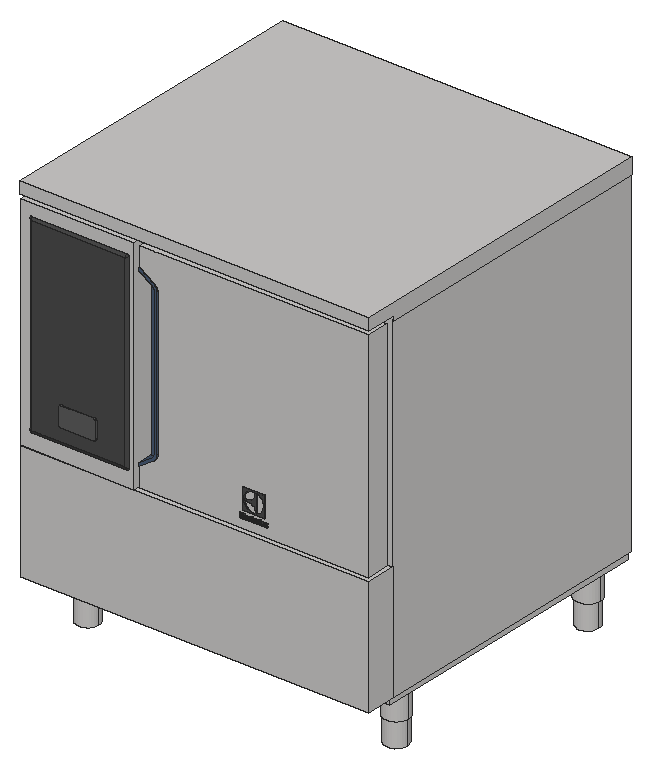
Revit family "QF_ELECTROLUXPROFESSIONAL_725539_EBFA61TE", category Specialty Equipment, Revit 2023
Family settings
  Round Connector Dimension = Use Diameter
  Part Type = Normal
  Work Plane-Based = No
  Enable Cutting in Views = No
  Always vertical = Yes
  Cut with Voids When Loaded = No
  Maintain Annotation Orientation = No
  Shared = No
  Room Calculation Point = No
Parameters
  Weight = 0.00 kg
  Watts = 0 W
  Volts = 380 V
  URL Manufacturer = "http://professional.electrolux.com"
  URL = "http://professional.electrolux.com"
  Steam Supply Size = 0 mm
  Steam Supply Minimum Pressure = 0.0 Pa
  Steam Supply Maximum Pressure = 0.0 Pa
  Steam Pounds per Hour = 0
  Show Logo [instance] = yes
  Show Clearance [instance] = yes
  Refrigeration Suction Line Size = 0 mm
  Refrigeration Liquid Line Size = 0 mm
  Refrigerant Compressor Remote = yes
  Manufacturer = "Electrolux"
  Phase = 3
  Model = "EBFA61TE"
  Length Actual = 897 mm  # constant formula
  Item Number = "725539"
  Hot Water Size = 0 mm
  Height Actual = 1060 mm  # constant formula
  HP = "3.6 HP"
  Gas Size = 0 mm
  Gas KW = 0
  Gas Input Pressure = 0 W
  Direct Waste Size = 139.7 mm
  Description = "SKYLINE CHILLS BLAST CHILLER FREEZER 30/30KG 6 GN 1/1 - WITH TOP"
  Depth Actual = 937 mm  # constant formula
  Default Elevation = 0 mm
  Cycle = 50 Hz
  Condensate Return Size = 0 mm
  Compressed Air Volume = 0.0 L/s
  Compressed Air Size = 0 mm
  Compressed Air Pressure = 0.0 Pa
  Cold Water Size = 0 mm
  Accessory = yes
Reference planes
  plane 1 "Center X": y = 126.851
  plane 2: z = 0
  plane 3 "Center Y": x = -311.5
  plane 4 "LEFT": x = -760
  plane 5 "BACK": y = 548.851
  plane 6 "RIGHT": x = 137
  plane 7 "FRONT": y = -295.149
  plane 8: z = 130
  plane 9 "TOP": z = 1060.038
  plane 10: x = -708
  plane 11: y = 473.851
  plane 12: x = 85
  plane 13: y = -142.149
  plane 14: z = 1020.038
  plane 15: y = 641.851
  plane 16: y = -847.149
Forms (mm)
  Extrusion 1, solid, material "QF_Finishes_Stainless Steel"
    sketch origin (0, 0, 1060.038) x (-1, 0, 0) y (0, -1, 0)
      loop
        line (759, -548.851) -> (759, 216.149) -> (-136, 216.149) -> (-136, -548.851) -> (759, -548.851)
    from -40 to -910.018
  Extrusion 2, solid, material "QF_Finishes_Stainless Steel"
    sketch origin (0, -295.149, 0) x (-1, 0, 0) y (0, 0, 1)
      loop
        line (451.2, 1020.033) -> (-135.995, 1020.033) -> (-135.995, 462.497) -> (451.2, 462.497) -> (451.2, 513.683) -> (415.41, 537.406)
        arc (415.41, 537.406) -> (408.839, 544.616) -> (406.46, 554.076) r 20
        line (406.46, 554.076) -> (406.46, 928.989)
        arc (406.46, 928.989) -> (408.716, 937.969) -> (414.947, 944.816) r 19
        line (414.947, 944.816) -> (451.2, 968.898) -> (451.2, 1020.033)
    from 0 to 60
  Extrusion 3, void
    sketch origin (-759, -216.149, 1060.038) x (-1, 0, 0) y (0, 0, 1)
      loop
        line (-370.8, -100) -> (-826.8, -100) -> (-826.8, -491.98) -> (-370.8, -491.98) -> (-370.8, -100)
    from 0 to 703
  Extrusion 4, solid, material "QF_Finishes_Stainless Steel"
    sketch origin (-760, -0.954, 0) x (0, 1, 0) y (0, 0, 1)
      loop
        line (549.805, 694.306) -> (549.805, 392.314) -> (635.5, 399.789)
        arc (635.5, 399.789) -> (640.702, 402.354) -> (642.805, 407.759) r 8
        line (642.805, 407.759) -> (642.805, 433.233)
        arc (642.805, 433.233) -> (638.783, 442.547) -> (642.805, 451.86) r 12.795
        line (642.805, 451.86) -> (642.805, 483.24)
        arc (642.805, 483.24) -> (638.783, 492.554) -> (642.805, 501.867) r 12.795
        line (642.805, 501.867) -> (642.805, 533.247)
        arc (642.805, 533.247) -> (638.783, 542.56) -> (642.805, 551.874) r 12.795
        line (642.805, 551.874) -> (642.805, 583.254)
        arc (642.805, 583.254) -> (638.783, 592.567) -> (642.805, 601.881) r 12.795
        line (642.805, 601.881) -> (642.805, 634.796)
        arc (642.805, 634.796) -> (641.466, 639.795) -> (637.808, 643.455) r 10
        line (637.808, 643.455) -> (549.805, 694.306)
    from 123.244 to 306.92
  Extrusion 5, solid, material "QF_Finishes_Stainless Steel"
    sketch origin (-817.599, 548.851, 1060.038) x (1, 0, 0) y (0, 0, -1)
      loop
        circle (121.599, 802.038) r 10.5
    from 0 to 29
  Extrusion 6, solid, material "QF_Finishes_Stainless Steel"
    sketch origin (0, -235.149, 0) x (-1, 0, 0) y (0, 0, 1)
      loop
        arc (406.46, 554.076) -> (408.839, 544.616) -> (415.41, 537.406) r 20
        line (415.41, 537.406) -> (451.2, 513.683) -> (451.2, 968.898) -> (414.947, 944.816)
        arc (414.947, 944.816) -> (408.716, 937.969) -> (406.46, 928.989) r 19
        line (406.46, 928.989) -> (406.46, 554.076)
    from -21 to 0
  Extrusion 7, solid, material "QF_Finishes_Electrolux_Blue"
    sketch origin (0, -295.149, 0) x (1, 0, 0) y (0, 0, 1)
      loop
        line (-451.2, 968.898) -> (-453.7, 968.898) -> (-453.7, 962.755) -> (-418.543, 939.401)
        arc (-418.543, 939.401) -> (-414.444, 934.897) -> (-412.96, 928.989) r 12.5
        line (-412.96, 928.989) -> (-412.96, 554.076)
        arc (-412.96, 554.076) -> (-414.566, 547.691) -> (-419.001, 542.824) r 13.5
        line (-419.001, 542.824) -> (-453.7, 519.824) -> (-453.7, 513.683) -> (-451.2, 513.683) -> (-415.41, 537.406)
        arc (-415.41, 537.406) -> (-408.839, 544.616) -> (-406.46, 554.076) r 20
        line (-406.46, 554.076) -> (-406.46, 928.989)
        arc (-406.46, 928.989) -> (-408.716, 937.969) -> (-414.947, 944.816) r 19
        line (-414.947, 944.816) -> (-451.2, 968.898)
    from -39 to 1
  Extrusion 8, solid, material "QF_Finishes_Stainless Steel"
    sketch origin (0, 0, 1060.038) x (-1, 0, 0) y (0, -1, 0)
      loop
        line (759, 295.149) -> (467.2, 295.149) -> (467.2, 217.149) -> (759, 217.149) -> (759, 295.149)
    from -40 to -607
  Extrusion 9, solid, material "QF_Finishes_Stainless Steel"
    sketch origin (-1206.916, -1524, 130) x (-1, 0, 0) y (0, -1, 0)
      loop
        line (-447.916, -1228.851) -> (-1342.916, -1228.851) -> (-1342.916, -1306.851) -> (-447.916, -1306.851) -> (-447.916, -1228.851)
    from 322 to 20.02
  Extrusion 10, solid, material "QF_Finishes_Stainless Steel"
    sketch origin (-311.5, 0, 0) x (0, 1, 0) y (0, 0, 1)
      loop
        line (548.851, 1060.038) -> (-295.149, 1060.038) -> (-295.149, 1030.034) -> (-216.149, 1030.034) -> (-216.149, 1020.038) -> (548.851, 1020.038) -> (548.851, 1060.038)
    from -448.5 to 448.5
  Extrusion 11, solid, material "QF_Finishes_Stainless Steel"
    sketch origin (0, 0, 1060.038) x (-1, 0, 0) y (0, -1, 0)
      loop
        line (748.993, -548.851) -> (748.993, 214.216) -> (-125.993, 214.216) -> (-125.993, -548.851) -> (748.993, -548.851)
    from -910.018 to -930.038
  Extrusion 12, solid, material "QF_Finishes_Stainless Steel"
    sketch origin (0, 0, 130) x (0, -1, 0) y (-1, 0, 0)
      loop
        circle (-215.851, 360) r 9.5
    from 0 to 31.68
  Extrusion 13, void
    sketch origin (0, 0, 1060.038) x (-1, 0, 0) y (0, -1, 0)
      loop
        line (627.033, -641.851) -> (636.756, -641.851) -> (636.756, -548.851) -> (635.125, -548.851) -> (627.033, -641.851)
      loop
        line (454.711, -548.851) -> (453.08, -548.851) -> (453.08, -641.851) -> (462.803, -641.851) -> (454.711, -548.851)
    from -673 to -363
  Extrusion 14, solid, material "QF_Door-Drawer Clearances", visible <- "Show Clearance", detail levels coarse
    sketch origin (143, -393.449, 0) x (0, -1, 0) y (0, 0, 1)
      loop
        line (451.2, 1020.033) -> (-98.3, 1020.033) -> (-98.3, 462.497) -> (451.2, 462.497) -> (451.2, 513.683) -> (415.41, 537.406)
        arc (415.41, 537.406) -> (408.839, 544.616) -> (406.46, 554.076) r 20
        line (406.46, 554.076) -> (406.46, 928.989)
        arc (406.46, 928.989) -> (408.716, 937.969) -> (414.947, 944.816) r 19
        line (414.947, 944.816) -> (451.2, 968.898) -> (451.2, 1020.033)
    from 0 to 60
  Extrusion 15, solid, material "QF_Door-Drawer Clearances", visible <- "Show Clearance", detail levels coarse
    sketch origin (83, -393.449, 0) x (0, -1, 0) y (0, 0, 1)
      loop
        arc (406.46, 554.076) -> (408.839, 544.616) -> (415.41, 537.406) r 20
        line (415.41, 537.406) -> (451.2, 513.683) -> (451.2, 968.898) -> (414.947, 944.816)
        arc (414.947, 944.816) -> (408.716, 937.969) -> (406.46, 928.989) r 19
        line (406.46, 928.989) -> (406.46, 554.076)
    from -21 to 0
  Extrusion 16, solid, material "QF_Door-Drawer Clearances", visible <- "Show Clearance", detail levels coarse
    sketch origin (143, -393.449, 0) x (0, 1, 0) y (0, 0, 1)
      loop
        line (-451.2, 968.898) -> (-453.7, 968.898) -> (-453.7, 962.755) -> (-418.543, 939.401)
        arc (-418.543, 939.401) -> (-414.444, 934.897) -> (-412.96, 928.989) r 12.5
        line (-412.96, 928.989) -> (-412.96, 554.076)
        arc (-412.96, 554.076) -> (-414.566, 547.691) -> (-419.001, 542.824) r 13.5
        line (-419.001, 542.824) -> (-453.7, 519.824) -> (-453.7, 513.683) -> (-451.2, 513.683) -> (-415.41, 537.406)
        arc (-415.41, 537.406) -> (-408.839, 544.616) -> (-406.46, 554.076) r 20
        line (-406.46, 554.076) -> (-406.46, 928.989)
        arc (-406.46, 928.989) -> (-408.716, 937.969) -> (-414.947, 944.816) r 19
        line (-414.947, 944.816) -> (-451.2, 968.898)
    from -39 to 1
  Extrusion 17, solid, material "QF_Door-Drawer Clearances", visible <- "Show Clearance", detail levels coarse
    sketch origin (0, 0, 1060.038) x (-1, 0, 0) y (0, -1, 0)
      loop
        line (-83, 295.149) -> (451.2, 295.149)
        arc (451.2, 295.149) -> (290.883, 673.709) -> (-83, 844.649) r 567.425
        line (-83, 844.649) -> (-83, 295.149)
    from -597.541 to -40
Cuts and joins
  Extrusion 3 cuts Extrusion 1
  Extrusion 13 cuts Extrusion 4
  joined: Extrusion 1, Extrusion 4, Extrusion 5, Extrusion 10, Extrusion 11, Extrusion 12
  joined: Extrusion 2, Extrusion 6
  joined: Extrusion 14, Extrusion 15, Extrusion 16, Extrusion 17
Lines and regions (mm)
  Split face 1
    outline origin (-489, -295.149, 130) x (-1, 0, 0) y (0, 0, -1)
      loop
        line (-132.388, -290.639) -> (-22.373, -290.639) -> (-22.373, -285.612) -> (-132.388, -285.612) -> (-132.388, -290.639)
  Split face 2
    outline origin (-489, -295.149, 120.528) x (-1, 0, 0) y (0, 0, -1)
      loop
        line (-132.388, -290.639) -> (-22.373, -290.639) -> (-22.373, -285.612) -> (-132.388, -285.612) -> (-132.388, -290.639)
  Split face 3
    outline origin (-489, -295.149, 111.056) x (-1, 0, 0) y (0, 0, -1)
      loop
        line (-132.388, -290.639) -> (-22.373, -290.639) -> (-22.373, -285.612) -> (-132.388, -285.612) -> (-132.388, -290.639)
  Split face 4
    outline origin (-489, -295.149, 101.583) x (-1, 0, 0) y (0, 0, -1)
      loop
        line (-132.388, -290.639) -> (-22.373, -290.639) -> (-22.373, -285.612) -> (-132.388, -285.612) -> (-132.388, -290.639)
  Split face 5
    outline origin (-489, -295.149, 92.111) x (-1, 0, 0) y (0, 0, -1)
      loop
        line (-132.388, -290.639) -> (-22.373, -290.639) -> (-22.373, -285.612) -> (-132.388, -285.612) -> (-132.388, -290.639)
  Split face 6
    outline origin (-489, -295.149, 82.639) x (-1, 0, 0) y (0, 0, -1)
      loop
        line (-132.388, -290.639) -> (-22.373, -290.639) -> (-22.373, -285.612) -> (-132.388, -285.612) -> (-132.388, -290.639)
  Split face 7
    outline origin (-489, -295.149, 73.167) x (-1, 0, 0) y (0, 0, -1)
      loop
        line (-132.388, -290.639) -> (-22.373, -290.639) -> (-22.373, -285.612) -> (-132.388, -285.612) -> (-132.388, -290.639)
  Split face 8
    outline origin (-489, -295.149, 63.695) x (-1, 0, 0) y (0, 0, -1)
      loop
        line (-132.388, -290.639) -> (-22.373, -290.639) -> (-22.373, -285.612) -> (-132.388, -285.612) -> (-132.388, -290.639)
  Split face 9
    outline origin (-489, -295.149, 54.223) x (-1, 0, 0) y (0, 0, -1)
      loop
        line (-132.388, -290.639) -> (-22.373, -290.639) -> (-22.373, -285.612) -> (-132.388, -285.612) -> (-132.388, -290.639)
  Split face 10
    outline origin (-489, -295.149, 44.75) x (-1, 0, 0) y (0, 0, -1)
      loop
        line (-132.388, -290.639) -> (-22.373, -290.639) -> (-22.373, -285.612) -> (-132.388, -285.612) -> (-132.388, -290.639)
  Split face 11
    outline origin (-489, -295.149, 35.278) x (-1, 0, 0) y (0, 0, -1)
      loop
        line (-132.388, -290.639) -> (-22.373, -290.639) -> (-22.373, -285.612) -> (-132.388, -285.612) -> (-132.388, -290.639)
  Split face 12
    outline origin (-489, -295.149, 25.806) x (-1, 0, 0) y (0, 0, -1)
      loop
        line (-132.388, -290.639) -> (-22.373, -290.639) -> (-22.373, -285.612) -> (-132.388, -285.612) -> (-132.388, -290.639)
  Split face 13
    outline origin (-489, -295.149, 16.334) x (-1, 0, 0) y (0, 0, -1)
      loop
        line (-132.388, -290.639) -> (-22.373, -290.639) -> (-22.373, -285.612) -> (-132.388, -285.612) -> (-132.388, -290.639)
  Split face 14
    outline origin (-489, -295.149, 6.862) x (-1, 0, 0) y (0, 0, -1)
      loop
        line (-132.388, -290.639) -> (-22.373, -290.639) -> (-22.373, -285.612) -> (-132.388, -285.612) -> (-132.388, -290.639)
  Split face 15
    outline origin (-489, -295.149, -2.611) x (-1, 0, 0) y (0, 0, -1)
      loop
        line (-132.388, -290.639) -> (-22.373, -290.639) -> (-22.373, -285.612) -> (-132.388, -285.612) -> (-132.388, -290.639)
  Split face 16
    outline origin (-489, -295.149, -12.083) x (-1, 0, 0) y (0, 0, -1)
      loop
        line (-132.388, -290.639) -> (-22.373, -290.639) -> (-22.373, -285.612) -> (-132.388, -285.612) -> (-132.388, -290.639)
  Split face 17
    outline origin (-489, -295.149, -21.555) x (-1, 0, 0) y (0, 0, -1)
      loop
        line (-132.388, -290.639) -> (-22.373, -290.639) -> (-22.373, -285.612) -> (-132.388, -285.612) -> (-132.388, -290.639)
  Split face 18
    outline origin (-489, -295.149, -31.027) x (-1, 0, 0) y (0, 0, -1)
      loop
        line (-132.388, -290.639) -> (-22.373, -290.639) -> (-22.373, -285.612) -> (-132.388, -285.612) -> (-132.388, -290.639)
  Split face 19
    outline origin (-489, -295.149, -40.499) x (-1, 0, 0) y (0, 0, -1)
      loop
        line (-132.388, -290.639) -> (-22.373, -290.639) -> (-22.373, -285.612) -> (-132.388, -285.612) -> (-132.388, -290.639)
  Split face 20
    outline origin (-489, -295.149, -49.972) x (-1, 0, 0) y (0, 0, -1)
      loop
        line (-132.388, -290.639) -> (-22.373, -290.639) -> (-22.373, -285.612) -> (-132.388, -285.612) -> (-132.388, -290.639)
  Split face 21
    outline origin (-489, -295.149, -59.444) x (-1, 0, 0) y (0, 0, -1)
      loop
        line (-132.388, -290.639) -> (-22.373, -290.639) -> (-22.373, -285.612) -> (-132.388, -285.612) -> (-132.388, -290.639)
  Split face 22
    outline origin (-489, -295.149, -68.916) x (-1, 0, 0) y (0, 0, -1)
      loop
        line (-132.388, -290.639) -> (-22.373, -290.639) -> (-22.373, -285.612) -> (-132.388, -285.612) -> (-132.388, -290.639)
  Split face 23
    outline origin (-489, -295.149, -78.388) x (-1, 0, 0) y (0, 0, -1)
      loop
        line (-132.388, -290.639) -> (-22.373, -290.639) -> (-22.373, -285.612) -> (-132.388, -285.612) -> (-132.388, -290.639)
  Split face 24
    outline origin (-489, -295.149, -87.86) x (-1, 0, 0) y (0, 0, -1)
      loop
        line (-132.388, -290.639) -> (-22.373, -290.639) -> (-22.373, -285.612) -> (-132.388, -285.612) -> (-132.388, -290.639)
  Split face 25
    outline origin (-489, -295.149, -97.332) x (-1, 0, 0) y (0, 0, -1)
      loop
        line (-132.388, -290.639) -> (-22.373, -290.639) -> (-22.373, -285.612) -> (-132.388, -285.612) -> (-132.388, -290.639)
  Split face 26
    outline origin (-489, -295.149, -106.805) x (-1, 0, 0) y (0, 0, -1)
      loop
        line (-132.388, -290.639) -> (-22.373, -290.639) -> (-22.373, -285.612) -> (-132.388, -285.612) -> (-132.388, -290.639)
  Split face 27
    outline origin (-373.984, -295.149, 130) x (-1, 0, 0) y (0, 0, -1)
      loop
        line (-132.388, -290.639) -> (-22.373, -290.639) -> (-22.373, -285.612) -> (-132.388, -285.612) -> (-132.388, -290.639)
  Split face 28
    outline origin (-373.984, -295.149, 120.528) x (-1, 0, 0) y (0, 0, -1)
      loop
        line (-132.388, -290.639) -> (-22.373, -290.639) -> (-22.373, -285.612) -> (-132.388, -285.612) -> (-132.388, -290.639)
  Split face 29
    outline origin (-373.984, -295.149, 111.056) x (-1, 0, 0) y (0, 0, -1)
      loop
        line (-132.388, -290.639) -> (-22.373, -290.639) -> (-22.373, -285.612) -> (-132.388, -285.612) -> (-132.388, -290.639)
  Split face 30
    outline origin (-373.984, -295.149, 101.583) x (-1, 0, 0) y (0, 0, -1)
      loop
        line (-132.388, -290.639) -> (-22.373, -290.639) -> (-22.373, -285.612) -> (-132.388, -285.612) -> (-132.388, -290.639)
  Split face 31
    outline origin (-373.984, -295.149, 92.111) x (-1, 0, 0) y (0, 0, -1)
      loop
        line (-132.388, -290.639) -> (-22.373, -290.639) -> (-22.373, -285.612) -> (-132.388, -285.612) -> (-132.388, -290.639)
  Split face 32
    outline origin (-373.984, -295.149, 82.639) x (-1, 0, 0) y (0, 0, -1)
      loop
        line (-132.388, -290.639) -> (-22.373, -290.639) -> (-22.373, -285.612) -> (-132.388, -285.612) -> (-132.388, -290.639)
  Split face 33
    outline origin (-373.984, -295.149, 73.167) x (-1, 0, 0) y (0, 0, -1)
      loop
        line (-132.388, -290.639) -> (-22.373, -290.639) -> (-22.373, -285.612) -> (-132.388, -285.612) -> (-132.388, -290.639)
  Split face 34
    outline origin (-373.984, -295.149, 63.695) x (-1, 0, 0) y (0, 0, -1)
      loop
        line (-132.388, -290.639) -> (-22.373, -290.639) -> (-22.373, -285.612) -> (-132.388, -285.612) -> (-132.388, -290.639)
  Split face 35
    outline origin (-373.984, -295.149, 54.223) x (-1, 0, 0) y (0, 0, -1)
      loop
        line (-132.388, -290.639) -> (-22.373, -290.639) -> (-22.373, -285.612) -> (-132.388, -285.612) -> (-132.388, -290.639)
  Split face 36
    outline origin (-373.984, -295.149, 44.75) x (-1, 0, 0) y (0, 0, -1)
      loop
        line (-132.388, -290.639) -> (-22.373, -290.639) -> (-22.373, -285.612) -> (-132.388, -285.612) -> (-132.388, -290.639)
  Split face 37
    outline origin (-373.984, -295.149, 35.278) x (-1, 0, 0) y (0, 0, -1)
      loop
        line (-132.388, -290.639) -> (-22.373, -290.639) -> (-22.373, -285.612) -> (-132.388, -285.612) -> (-132.388, -290.639)
  Split face 38
    outline origin (-373.984, -295.149, 25.806) x (-1, 0, 0) y (0, 0, -1)
      loop
        line (-132.388, -290.639) -> (-22.373, -290.639) -> (-22.373, -285.612) -> (-132.388, -285.612) -> (-132.388, -290.639)
  Split face 39
    outline origin (-373.984, -295.149, 16.334) x (-1, 0, 0) y (0, 0, -1)
      loop
        line (-132.388, -290.639) -> (-22.373, -290.639) -> (-22.373, -285.612) -> (-132.388, -285.612) -> (-132.388, -290.639)
  Split face 40
    outline origin (-373.984, -295.149, 6.862) x (-1, 0, 0) y (0, 0, -1)
      loop
        line (-132.388, -290.639) -> (-22.373, -290.639) -> (-22.373, -285.612) -> (-132.388, -285.612) -> (-132.388, -290.639)
  Split face 41
    outline origin (-373.984, -295.149, -2.611) x (-1, 0, 0) y (0, 0, -1)
      loop
        line (-132.388, -290.639) -> (-22.373, -290.639) -> (-22.373, -285.612) -> (-132.388, -285.612) -> (-132.388, -290.639)
  Split face 42
    outline origin (-373.984, -295.149, -12.083) x (-1, 0, 0) y (0, 0, -1)
      loop
        line (-132.388, -290.639) -> (-22.373, -290.639) -> (-22.373, -285.612) -> (-132.388, -285.612) -> (-132.388, -290.639)
  Split face 43
    outline origin (-373.984, -295.149, -21.555) x (-1, 0, 0) y (0, 0, -1)
      loop
        line (-132.388, -290.639) -> (-22.373, -290.639) -> (-22.373, -285.612) -> (-132.388, -285.612) -> (-132.388, -290.639)
  Split face 44
    outline origin (-373.984, -295.149, -31.027) x (-1, 0, 0) y (0, 0, -1)
      loop
        line (-132.388, -290.639) -> (-22.373, -290.639) -> (-22.373, -285.612) -> (-132.388, -285.612) -> (-132.388, -290.639)
  Split face 45
    outline origin (-373.984, -295.149, -40.499) x (-1, 0, 0) y (0, 0, -1)
      loop
        line (-132.388, -290.639) -> (-22.373, -290.639) -> (-22.373, -285.612) -> (-132.388, -285.612) -> (-132.388, -290.639)
  Split face 46
    outline origin (-373.984, -295.149, -49.972) x (-1, 0, 0) y (0, 0, -1)
      loop
        line (-132.388, -290.639) -> (-22.373, -290.639) -> (-22.373, -285.612) -> (-132.388, -285.612) -> (-132.388, -290.639)
  Split face 47
    outline origin (-373.984, -295.149, -59.444) x (-1, 0, 0) y (0, 0, -1)
      loop
        line (-132.388, -290.639) -> (-22.373, -290.639) -> (-22.373, -285.612) -> (-132.388, -285.612) -> (-132.388, -290.639)
  Split face 48
    outline origin (-373.984, -295.149, -68.916) x (-1, 0, 0) y (0, 0, -1)
      loop
        line (-132.388, -290.639) -> (-22.373, -290.639) -> (-22.373, -285.612) -> (-132.388, -285.612) -> (-132.388, -290.639)
  Split face 49
    outline origin (-373.984, -295.149, -78.388) x (-1, 0, 0) y (0, 0, -1)
      loop
        line (-132.388, -290.639) -> (-22.373, -290.639) -> (-22.373, -285.612) -> (-132.388, -285.612) -> (-132.388, -290.639)
  Split face 50
    outline origin (-373.984, -295.149, -87.86) x (-1, 0, 0) y (0, 0, -1)
      loop
        line (-132.388, -290.639) -> (-22.373, -290.639) -> (-22.373, -285.612) -> (-132.388, -285.612) -> (-132.388, -290.639)
  Split face 51
    outline origin (-373.984, -295.149, -97.332) x (-1, 0, 0) y (0, 0, -1)
      loop
        line (-132.388, -290.639) -> (-22.373, -290.639) -> (-22.373, -285.612) -> (-132.388, -285.612) -> (-132.388, -290.639)
  Split face 52
    outline origin (-373.984, -295.149, -106.805) x (-1, 0, 0) y (0, 0, -1)
      loop
        line (-132.388, -290.639) -> (-22.373, -290.639) -> (-22.373, -285.612) -> (-132.388, -285.612) -> (-132.388, -290.639)
  Split face 53
    outline origin (-258.969, -295.149, 130) x (-1, 0, 0) y (0, 0, -1)
      loop
        line (-132.388, -290.639) -> (-22.373, -290.639) -> (-22.373, -285.612) -> (-132.388, -285.612) -> (-132.388, -290.639)
  Split face 54
    outline origin (-258.969, -295.149, 120.528) x (-1, 0, 0) y (0, 0, -1)
      loop
        line (-132.388, -290.639) -> (-22.373, -290.639) -> (-22.373, -285.612) -> (-132.388, -285.612) -> (-132.388, -290.639)
  Split face 55
    outline origin (-258.969, -295.149, 111.056) x (-1, 0, 0) y (0, 0, -1)
      loop
        line (-132.388, -290.639) -> (-22.373, -290.639) -> (-22.373, -285.612) -> (-132.388, -285.612) -> (-132.388, -290.639)
  Split face 56
    outline origin (-258.969, -295.149, 101.583) x (-1, 0, 0) y (0, 0, -1)
      loop
        line (-132.388, -290.639) -> (-22.373, -290.639) -> (-22.373, -285.612) -> (-132.388, -285.612) -> (-132.388, -290.639)
  Split face 57
    outline origin (-258.969, -295.149, 92.111) x (-1, 0, 0) y (0, 0, -1)
      loop
        line (-132.388, -290.639) -> (-22.373, -290.639) -> (-22.373, -285.612) -> (-132.388, -285.612) -> (-132.388, -290.639)
  Split face 58
    outline origin (-258.969, -295.149, 82.639) x (-1, 0, 0) y (0, 0, -1)
      loop
        line (-132.388, -290.639) -> (-22.373, -290.639) -> (-22.373, -285.612) -> (-132.388, -285.612) -> (-132.388, -290.639)
  Split face 59
    outline origin (-258.969, -295.149, 73.167) x (-1, 0, 0) y (0, 0, -1)
      loop
        line (-132.388, -290.639) -> (-22.373, -290.639) -> (-22.373, -285.612) -> (-132.388, -285.612) -> (-132.388, -290.639)
  Split face 60
    outline origin (-258.969, -295.149, 63.695) x (-1, 0, 0) y (0, 0, -1)
      loop
        line (-132.388, -290.639) -> (-22.373, -290.639) -> (-22.373, -285.612) -> (-132.388, -285.612) -> (-132.388, -290.639)
  Split face 61
    outline origin (-258.969, -295.149, 54.223) x (-1, 0, 0) y (0, 0, -1)
      loop
        line (-132.388, -290.639) -> (-22.373, -290.639) -> (-22.373, -285.612) -> (-132.388, -285.612) -> (-132.388, -290.639)
  Split face 62
    outline origin (-258.969, -295.149, 44.75) x (-1, 0, 0) y (0, 0, -1)
      loop
        line (-132.388, -290.639) -> (-22.373, -290.639) -> (-22.373, -285.612) -> (-132.388, -285.612) -> (-132.388, -290.639)
  Split face 63
    outline origin (-258.969, -295.149, 35.278) x (-1, 0, 0) y (0, 0, -1)
      loop
        line (-132.388, -290.639) -> (-22.373, -290.639) -> (-22.373, -285.612) -> (-132.388, -285.612) -> (-132.388, -290.639)
  Split face 64
    outline origin (-258.969, -295.149, 25.806) x (-1, 0, 0) y (0, 0, -1)
      loop
        line (-132.388, -290.639) -> (-22.373, -290.639) -> (-22.373, -285.612) -> (-132.388, -285.612) -> (-132.388, -290.639)
  Split face 65
    outline origin (-258.969, -295.149, 16.334) x (-1, 0, 0) y (0, 0, -1)
      loop
        line (-132.388, -290.639) -> (-22.373, -290.639) -> (-22.373, -285.612) -> (-132.388, -285.612) -> (-132.388, -290.639)
  Split face 66
    outline origin (-258.969, -295.149, 6.862) x (-1, 0, 0) y (0, 0, -1)
      loop
        line (-132.388, -290.639) -> (-22.373, -290.639) -> (-22.373, -285.612) -> (-132.388, -285.612) -> (-132.388, -290.639)
  Split face 67
    outline origin (-258.969, -295.149, -2.611) x (-1, 0, 0) y (0, 0, -1)
      loop
        line (-132.388, -290.639) -> (-22.373, -290.639) -> (-22.373, -285.612) -> (-132.388, -285.612) -> (-132.388, -290.639)
  Split face 68
    outline origin (-258.969, -295.149, -12.083) x (-1, 0, 0) y (0, 0, -1)
      loop
        line (-132.388, -290.639) -> (-22.373, -290.639) -> (-22.373, -285.612) -> (-132.388, -285.612) -> (-132.388, -290.639)
  Split face 69
    outline origin (-258.969, -295.149, -21.555) x (-1, 0, 0) y (0, 0, -1)
      loop
        line (-132.388, -290.639) -> (-22.373, -290.639) -> (-22.373, -285.612) -> (-132.388, -285.612) -> (-132.388, -290.639)
  Split face 70
    outline origin (-258.969, -295.149, -31.027) x (-1, 0, 0) y (0, 0, -1)
      loop
        line (-132.388, -290.639) -> (-22.373, -290.639) -> (-22.373, -285.612) -> (-132.388, -285.612) -> (-132.388, -290.639)
  Split face 71
    outline origin (-258.969, -295.149, -40.499) x (-1, 0, 0) y (0, 0, -1)
      loop
        line (-132.388, -290.639) -> (-22.373, -290.639) -> (-22.373, -285.612) -> (-132.388, -285.612) -> (-132.388, -290.639)
  Split face 72
    outline origin (-258.969, -295.149, -49.972) x (-1, 0, 0) y (0, 0, -1)
      loop
        line (-132.388, -290.639) -> (-22.373, -290.639) -> (-22.373, -285.612) -> (-132.388, -285.612) -> (-132.388, -290.639)
  Split face 73
    outline origin (-258.969, -295.149, -59.444) x (-1, 0, 0) y (0, 0, -1)
      loop
        line (-132.388, -290.639) -> (-22.373, -290.639) -> (-22.373, -285.612) -> (-132.388, -285.612) -> (-132.388, -290.639)
  Split face 74
    outline origin (-258.969, -295.149, -68.916) x (-1, 0, 0) y (0, 0, -1)
      loop
        line (-132.388, -290.639) -> (-22.373, -290.639) -> (-22.373, -285.612) -> (-132.388, -285.612) -> (-132.388, -290.639)
  Split face 75
    outline origin (-258.969, -295.149, -78.388) x (-1, 0, 0) y (0, 0, -1)
      loop
        line (-132.388, -290.639) -> (-22.373, -290.639) -> (-22.373, -285.612) -> (-132.388, -285.612) -> (-132.388, -290.639)
  Split face 76
    outline origin (-258.969, -295.149, -87.86) x (-1, 0, 0) y (0, 0, -1)
      loop
        line (-132.388, -290.639) -> (-22.373, -290.639) -> (-22.373, -285.612) -> (-132.388, -285.612) -> (-132.388, -290.639)
  Split face 77
    outline origin (-258.969, -295.149, -97.332) x (-1, 0, 0) y (0, 0, -1)
      loop
        line (-132.388, -290.639) -> (-22.373, -290.639) -> (-22.373, -285.612) -> (-132.388, -285.612) -> (-132.388, -290.639)
  Split face 78
    outline origin (-258.969, -295.149, -106.805) x (-1, 0, 0) y (0, 0, -1)
      loop
        line (-132.388, -290.639) -> (-22.373, -290.639) -> (-22.373, -285.612) -> (-132.388, -285.612) -> (-132.388, -290.639)
  Split face 79
    outline origin (-143.953, -295.149, 130) x (-1, 0, 0) y (0, 0, -1)
      loop
        line (-132.388, -290.639) -> (-22.373, -290.639) -> (-22.373, -285.612) -> (-132.388, -285.612) -> (-132.388, -290.639)
  Split face 80
    outline origin (-143.953, -295.149, 120.528) x (-1, 0, 0) y (0, 0, -1)
      loop
        line (-132.388, -290.639) -> (-22.373, -290.639) -> (-22.373, -285.612) -> (-132.388, -285.612) -> (-132.388, -290.639)
  Split face 81
    outline origin (-143.953, -295.149, 111.056) x (-1, 0, 0) y (0, 0, -1)
      loop
        line (-132.388, -290.639) -> (-22.373, -290.639) -> (-22.373, -285.612) -> (-132.388, -285.612) -> (-132.388, -290.639)
  Split face 82
    outline origin (-143.953, -295.149, 101.583) x (-1, 0, 0) y (0, 0, -1)
      loop
        line (-132.388, -290.639) -> (-22.373, -290.639) -> (-22.373, -285.612) -> (-132.388, -285.612) -> (-132.388, -290.639)
  Split face 83
    outline origin (-143.953, -295.149, 92.111) x (-1, 0, 0) y (0, 0, -1)
      loop
        line (-132.388, -290.639) -> (-22.373, -290.639) -> (-22.373, -285.612) -> (-132.388, -285.612) -> (-132.388, -290.639)
  Split face 84
    outline origin (-143.953, -295.149, 82.639) x (-1, 0, 0) y (0, 0, -1)
      loop
        line (-132.388, -290.639) -> (-22.373, -290.639) -> (-22.373, -285.612) -> (-132.388, -285.612) -> (-132.388, -290.639)
  Split face 85
    outline origin (-143.953, -295.149, 73.167) x (-1, 0, 0) y (0, 0, -1)
      loop
        line (-132.388, -290.639) -> (-22.373, -290.639) -> (-22.373, -285.612) -> (-132.388, -285.612) -> (-132.388, -290.639)
  Split face 86
    outline origin (-143.953, -295.149, 63.695) x (-1, 0, 0) y (0, 0, -1)
      loop
        line (-132.388, -290.639) -> (-22.373, -290.639) -> (-22.373, -285.612) -> (-132.388, -285.612) -> (-132.388, -290.639)
  Split face 87
    outline origin (-143.953, -295.149, 54.223) x (-1, 0, 0) y (0, 0, -1)
      loop
        line (-132.388, -290.639) -> (-22.373, -290.639) -> (-22.373, -285.612) -> (-132.388, -285.612) -> (-132.388, -290.639)
  Split face 88
    outline origin (-143.953, -295.149, 44.75) x (-1, 0, 0) y (0, 0, -1)
      loop
        line (-132.388, -290.639) -> (-22.373, -290.639) -> (-22.373, -285.612) -> (-132.388, -285.612) -> (-132.388, -290.639)
  Split face 89
    outline origin (-143.953, -295.149, 35.278) x (-1, 0, 0) y (0, 0, -1)
      loop
        line (-132.388, -290.639) -> (-22.373, -290.639) -> (-22.373, -285.612) -> (-132.388, -285.612) -> (-132.388, -290.639)
  Split face 90
    outline origin (-143.953, -295.149, 25.806) x (-1, 0, 0) y (0, 0, -1)
      loop
        line (-132.388, -290.639) -> (-22.373, -290.639) -> (-22.373, -285.612) -> (-132.388, -285.612) -> (-132.388, -290.639)
  Split face 91
    outline origin (-143.953, -295.149, 16.334) x (-1, 0, 0) y (0, 0, -1)
      loop
        line (-132.388, -290.639) -> (-22.373, -290.639) -> (-22.373, -285.612) -> (-132.388, -285.612) -> (-132.388, -290.639)
  Split face 92
    outline origin (-143.953, -295.149, 6.862) x (-1, 0, 0) y (0, 0, -1)
      loop
        line (-132.388, -290.639) -> (-22.373, -290.639) -> (-22.373, -285.612) -> (-132.388, -285.612) -> (-132.388, -290.639)
  Split face 93
    outline origin (-143.953, -295.149, -2.611) x (-1, 0, 0) y (0, 0, -1)
      loop
        line (-132.388, -290.639) -> (-22.373, -290.639) -> (-22.373, -285.612) -> (-132.388, -285.612) -> (-132.388, -290.639)
  Split face 94
    outline origin (-143.953, -295.149, -12.083) x (-1, 0, 0) y (0, 0, -1)
      loop
        line (-132.388, -290.639) -> (-22.373, -290.639) -> (-22.373, -285.612) -> (-132.388, -285.612) -> (-132.388, -290.639)
  Split face 95
    outline origin (-143.953, -295.149, -21.555) x (-1, 0, 0) y (0, 0, -1)
      loop
        line (-132.388, -290.639) -> (-22.373, -290.639) -> (-22.373, -285.612) -> (-132.388, -285.612) -> (-132.388, -290.639)
  Split face 96
    outline origin (-143.953, -295.149, -31.027) x (-1, 0, 0) y (0, 0, -1)
      loop
        line (-132.388, -290.639) -> (-22.373, -290.639) -> (-22.373, -285.612) -> (-132.388, -285.612) -> (-132.388, -290.639)
  Split face 97
    outline origin (-143.953, -295.149, -40.499) x (-1, 0, 0) y (0, 0, -1)
      loop
        line (-132.388, -290.639) -> (-22.373, -290.639) -> (-22.373, -285.612) -> (-132.388, -285.612) -> (-132.388, -290.639)
  Split face 98
    outline origin (-143.953, -295.149, -49.972) x (-1, 0, 0) y (0, 0, -1)
      loop
        line (-132.388, -290.639) -> (-22.373, -290.639) -> (-22.373, -285.612) -> (-132.388, -285.612) -> (-132.388, -290.639)
  Split face 99
    outline origin (-143.953, -295.149, -59.444) x (-1, 0, 0) y (0, 0, -1)
      loop
        line (-132.388, -290.639) -> (-22.373, -290.639) -> (-22.373, -285.612) -> (-132.388, -285.612) -> (-132.388, -290.639)
  Split face 100
    outline origin (-143.953, -295.149, -68.916) x (-1, 0, 0) y (0, 0, -1)
      loop
        line (-132.388, -290.639) -> (-22.373, -290.639) -> (-22.373, -285.612) -> (-132.388, -285.612) -> (-132.388, -290.639)
  Split face 101
    outline origin (-143.953, -295.149, -78.388) x (-1, 0, 0) y (0, 0, -1)
      loop
        line (-132.388, -290.639) -> (-22.373, -290.639) -> (-22.373, -285.612) -> (-132.388, -285.612) -> (-132.388, -290.639)
  Split face 102
    outline origin (-143.953, -295.149, -87.86) x (-1, 0, 0) y (0, 0, -1)
      loop
        line (-132.388, -290.639) -> (-22.373, -290.639) -> (-22.373, -285.612) -> (-132.388, -285.612) -> (-132.388, -290.639)
  Split face 103
    outline origin (-143.953, -295.149, -97.332) x (-1, 0, 0) y (0, 0, -1)
      loop
        line (-132.388, -290.639) -> (-22.373, -290.639) -> (-22.373, -285.612) -> (-132.388, -285.612) -> (-132.388, -290.639)
  Split face 104
    outline origin (-143.953, -295.149, -106.805) x (-1, 0, 0) y (0, 0, -1)
      loop
        line (-132.388, -290.639) -> (-22.373, -290.639) -> (-22.373, -285.612) -> (-132.388, -285.612) -> (-132.388, -290.639)
  Split face 105
    outline origin (-28.938, -295.149, 130) x (-1, 0, 0) y (0, 0, -1)
      loop
        line (-132.388, -290.639) -> (-22.373, -290.639) -> (-22.373, -285.612) -> (-132.388, -285.612) -> (-132.388, -290.639)
  Split face 106
    outline origin (-28.938, -295.149, 120.528) x (-1, 0, 0) y (0, 0, -1)
      loop
        line (-132.388, -290.639) -> (-22.373, -290.639) -> (-22.373, -285.612) -> (-132.388, -285.612) -> (-132.388, -290.639)
  Split face 107
    outline origin (-28.938, -295.149, 111.056) x (-1, 0, 0) y (0, 0, -1)
      loop
        line (-132.388, -290.639) -> (-22.373, -290.639) -> (-22.373, -285.612) -> (-132.388, -285.612) -> (-132.388, -290.639)
  Split face 108
    outline origin (-28.938, -295.149, 101.583) x (-1, 0, 0) y (0, 0, -1)
      loop
        line (-132.388, -290.639) -> (-22.373, -290.639) -> (-22.373, -285.612) -> (-132.388, -285.612) -> (-132.388, -290.639)
  Split face 109
    outline origin (-28.938, -295.149, 92.111) x (-1, 0, 0) y (0, 0, -1)
      loop
        line (-132.388, -290.639) -> (-22.373, -290.639) -> (-22.373, -285.612) -> (-132.388, -285.612) -> (-132.388, -290.639)
  Split face 110
    outline origin (-28.938, -295.149, 82.639) x (-1, 0, 0) y (0, 0, -1)
      loop
        line (-132.388, -290.639) -> (-22.373, -290.639) -> (-22.373, -285.612) -> (-132.388, -285.612) -> (-132.388, -290.639)
  Split face 111
    outline origin (-28.938, -295.149, 73.167) x (-1, 0, 0) y (0, 0, -1)
      loop
        line (-132.388, -290.639) -> (-22.373, -290.639) -> (-22.373, -285.612) -> (-132.388, -285.612) -> (-132.388, -290.639)
  Split face 112
    outline origin (-28.938, -295.149, 63.695) x (-1, 0, 0) y (0, 0, -1)
      loop
        line (-132.388, -290.639) -> (-22.373, -290.639) -> (-22.373, -285.612) -> (-132.388, -285.612) -> (-132.388, -290.639)
  Split face 113
    outline origin (-28.938, -295.149, 54.223) x (-1, 0, 0) y (0, 0, -1)
      loop
        line (-132.388, -290.639) -> (-22.373, -290.639) -> (-22.373, -285.612) -> (-132.388, -285.612) -> (-132.388, -290.639)
  Split face 114
    outline origin (-28.938, -295.149, 44.75) x (-1, 0, 0) y (0, 0, -1)
      loop
        line (-132.388, -290.639) -> (-22.373, -290.639) -> (-22.373, -285.612) -> (-132.388, -285.612) -> (-132.388, -290.639)
  Split face 115
    outline origin (-28.938, -295.149, 35.278) x (-1, 0, 0) y (0, 0, -1)
      loop
        line (-132.388, -290.639) -> (-22.373, -290.639) -> (-22.373, -285.612) -> (-132.388, -285.612) -> (-132.388, -290.639)
  Split face 116
    outline origin (-28.938, -295.149, 25.806) x (-1, 0, 0) y (0, 0, -1)
      loop
        line (-132.388, -290.639) -> (-22.373, -290.639) -> (-22.373, -285.612) -> (-132.388, -285.612) -> (-132.388, -290.639)
  Split face 117
    outline origin (-28.938, -295.149, 16.334) x (-1, 0, 0) y (0, 0, -1)
      loop
        line (-132.388, -290.639) -> (-22.373, -290.639) -> (-22.373, -285.612) -> (-132.388, -285.612) -> (-132.388, -290.639)
  Split face 118
    outline origin (-28.938, -295.149, 6.862) x (-1, 0, 0) y (0, 0, -1)
      loop
        line (-132.388, -290.639) -> (-22.373, -290.639) -> (-22.373, -285.612) -> (-132.388, -285.612) -> (-132.388, -290.639)
  Split face 119
    outline origin (-28.938, -295.149, -2.611) x (-1, 0, 0) y (0, 0, -1)
      loop
        line (-132.388, -290.639) -> (-22.373, -290.639) -> (-22.373, -285.612) -> (-132.388, -285.612) -> (-132.388, -290.639)
  Split face 120
    outline origin (-28.938, -295.149, -12.083) x (-1, 0, 0) y (0, 0, -1)
      loop
        line (-132.388, -290.639) -> (-22.373, -290.639) -> (-22.373, -285.612) -> (-132.388, -285.612) -> (-132.388, -290.639)
  Split face 121
    outline origin (-28.938, -295.149, -21.555) x (-1, 0, 0) y (0, 0, -1)
      loop
        line (-132.388, -290.639) -> (-22.373, -290.639) -> (-22.373, -285.612) -> (-132.388, -285.612) -> (-132.388, -290.639)
  Split face 122
    outline origin (-28.938, -295.149, -31.027) x (-1, 0, 0) y (0, 0, -1)
      loop
        line (-132.388, -290.639) -> (-22.373, -290.639) -> (-22.373, -285.612) -> (-132.388, -285.612) -> (-132.388, -290.639)
  Split face 123
    outline origin (-28.938, -295.149, -40.499) x (-1, 0, 0) y (0, 0, -1)
      loop
        line (-132.388, -290.639) -> (-22.373, -290.639) -> (-22.373, -285.612) -> (-132.388, -285.612) -> (-132.388, -290.639)
  Split face 124
    outline origin (-28.938, -295.149, -49.972) x (-1, 0, 0) y (0, 0, -1)
      loop
        line (-132.388, -290.639) -> (-22.373, -290.639) -> (-22.373, -285.612) -> (-132.388, -285.612) -> (-132.388, -290.639)
  Split face 125
    outline origin (-28.938, -295.149, -59.444) x (-1, 0, 0) y (0, 0, -1)
      loop
        line (-132.388, -290.639) -> (-22.373, -290.639) -> (-22.373, -285.612) -> (-132.388, -285.612) -> (-132.388, -290.639)
  Split face 126
    outline origin (-28.938, -295.149, -68.916) x (-1, 0, 0) y (0, 0, -1)
      loop
        line (-132.388, -290.639) -> (-22.373, -290.639) -> (-22.373, -285.612) -> (-132.388, -285.612) -> (-132.388, -290.639)
  Split face 127
    outline origin (-28.938, -295.149, -78.388) x (-1, 0, 0) y (0, 0, -1)
      loop
        line (-132.388, -290.639) -> (-22.373, -290.639) -> (-22.373, -285.612) -> (-132.388, -285.612) -> (-132.388, -290.639)
  Split face 128
    outline origin (-28.938, -295.149, -87.86) x (-1, 0, 0) y (0, 0, -1)
      loop
        line (-132.388, -290.639) -> (-22.373, -290.639) -> (-22.373, -285.612) -> (-132.388, -285.612) -> (-132.388, -290.639)
  Split face 129
    outline origin (-28.938, -295.149, -97.332) x (-1, 0, 0) y (0, 0, -1)
      loop
        line (-132.388, -290.639) -> (-22.373, -290.639) -> (-22.373, -285.612) -> (-132.388, -285.612) -> (-132.388, -290.639)
  Split face 130
    outline origin (-28.938, -295.149, -106.805) x (-1, 0, 0) y (0, 0, -1)
      loop
        line (-132.388, -290.639) -> (-22.373, -290.639) -> (-22.373, -285.612) -> (-132.388, -285.612) -> (-132.388, -290.639)
  symbolic lines
    curve 1: line (-760, 548.851, 1060.038) -> (137, 548.851, 1060.038)
    curve 2: line (-760, -295.149, 1060.038) -> (-760, 548.851, 1060.038)
    curve 3: line (137, -295.149, 1060.038) -> (-760, -295.149, 1060.038)
    curve 4: line (137, 548.851, 1060.038) -> (137, -295.149, 1060.038)
    curve 5: line (-725.5, -300.149, 1060.038) -> (-487.5, -300.149, 1060.038)
    curve 6: line (-487.5, -300.149, 1060.038) -> (-479.5, -295.149, 1060.038)
    curve 7: line (-725.5, -300.149, 1060.038) -> (-733.5, -295.149, 1060.038)
    curve 8: line (-635.125, 548.851, 1060.038) -> (-627.033, 641.851, 1060.038)
    curve 9: line (-627.033, 641.851, 1060.038) -> (-462.803, 641.851, 1060.038)
    curve 10: line (-462.803, 641.851, 1060.038) -> (-454.711, 548.851, 1060.038)
    curve 11: line (-706.5, 577.851, 1060.038) -> (-685.5, 577.851, 1060.038)
    curve 12: line (-685.5, 577.851, 1060.038) -> (-685.5, 548.851, 1060.038)
    curve 13: line (-706.5, 577.851, 1060.038) -> (-706.5, 548.851, 1060.038)
  symbolic lines, style "QF_Door-Drawer Clearances", visible <- "Show Clearance"
    curve 14: arc (-451.2, -295.149, 1060.038) -> (-290.883, -673.709, 1060.038) -> (83, -844.649, 1060.038) r 567.425
    curve 15: line (143, -844.649, 1060.038) -> (143, -295.149, 1060.038)
    curve 16: line (83, -844.649, 1060.038) -> (143, -844.649, 1060.038)
    curve 17: line (83, -844.649, 1060.038) -> (83, -295.149, 1060.038)
Dimensions and locks
  equal spacing: plane 4 "LEFT", plane 3 "Center Y", plane 6 "RIGHT"
  plane 4 "LEFT" to plane 6 "RIGHT" = 897 mm
  plane 5 "BACK" to plane 7 "FRONT" = 844 mm
  equal spacing: plane 5 "BACK", plane 1 "Center X", plane 7 "FRONT"
  cut or joined group of Extrusion 1, Extrusion 3, Extrusion 4, Extrusion 5, Extrusion 10, Extrusion 11, Extrusion 12, Extrusion 13 to Extrusion 5 sketch curve = 63 mm
  level to Extrusion 5 sketch curve = 258 mm
  plane 5 "BACK" to Extrusion 12 sketch curve = 333 mm
  plane 4 "LEFT" to Extrusion 12 sketch curve = 400 mm
  Extrusion 5 sketch curve to plane 4 "LEFT" = 64 mm
  aligned and locked: level to plane 2
  aligned and locked: plane 12 to nested 3
  aligned and locked: plane 12 to nested 2
  aligned and locked: plane 10 to nested 1
  aligned and locked: plane 10 to nested 4
  aligned and locked: Extrusion 6 to Extrusion 7
  aligned and locked: nested 4 to plane 11
  aligned and locked: nested 3 to plane 11
  aligned and locked: nested 1 to plane 13
  aligned and locked: nested 2 to plane 13
  aligned and locked: Extrusion 15 to Extrusion 16
Automatic sketch dimensions
  Extrusion 1 sketch curve to plane 5 "BACK" = 0 mm
  Extrusion 1 sketch curve to plane 6 "RIGHT" = 1 mm
  plane 4 "LEFT" to Extrusion 1 sketch curve = 1 mm
  Extrusion 1 sketch curve to plane 13 = 74 mm
  Extrusion 2 sketch curve to plane 14 = 0.005 mm
  Extrusion 2 sketch curve to plane 6 "RIGHT" = 1.005 mm
  Extrusion 2 sketch curve to plane 3 "Center Y" = 94.96 mm
  Extrusion 2 sketch curve to plane 14 = 75.222 mm
  Extrusion 2 sketch curve to Extrusion 2 sketch curve = 8.487 mm
  Extrusion 2 sketch curve to Extrusion 2 sketch curve = 8.95 mm
  Extrusion 2 sketch curve to Extrusion 2 sketch curve = 19 mm
  Extrusion 2 sketch curve to Extrusion 2 sketch curve = 20 mm
  Extrusion 2 sketch curve to Extrusion 2 sketch curve = 35.79 mm
  Extrusion 2 sketch curve to plane 14 = 51.14 mm
  Extrusion 2 sketch curve to Extrusion 2 sketch curve = 36.253 mm
  Extrusion 2 sketch curve to Extrusion 2 sketch curve = 374.913 mm
  Extrusion 2 sketch curve to Extrusion 2 sketch curve = 23.723 mm
  plane 8 to Extrusion 2 sketch curve = 332.497 mm
  Extrusion 1 to Extrusion 3 sketch curve = 68.2 mm
  Extrusion 3 sketch curve to Extrusion 1 = 370.8 mm
  Extrusion 3 sketch curve to Extrusion 1 = 418.038 mm
  Extrusion 3 sketch curve to Extrusion 1 = 60 mm
  Extrusion 4 sketch curve to plane 5 "BACK" = 0 mm
  Extrusion 4 sketch curve to plane 15 = 0 mm  (x5)
  Extrusion 4 sketch curve to Extrusion 4 sketch curve = 10 mm
  Extrusion 4 sketch curve to Extrusion 4 sketch curve = 8 mm
  Extrusion 4 sketch curve to plane 15 = 7.305 mm
  Extrusion 4 sketch curve to plane 15 = 4.997 mm
  plane 15 to Extrusion 4 sketch curve = 8.773 mm  (x4)
  plane 8 to Extrusion 4 sketch curve = 262.314 mm
  Extrusion 4 sketch curve to Extrusion 4 sketch curve = 7.476 mm
  Extrusion 4 sketch curve to Extrusion 4 sketch curve = 25.474 mm
  Extrusion 4 sketch curve to Extrusion 4 sketch curve = 9.313 mm  (x4)
  Extrusion 4 sketch curve to Extrusion 4 sketch curve = 31.38 mm  (x3)
  Extrusion 4 sketch curve to Extrusion 4 sketch curve = 32.916 mm
  Extrusion 4 sketch curve to Extrusion 4 sketch curve = 50.851 mm
  Extrusion 2 to Extrusion 6 sketch curve = 0 mm  (x6)
  Extrusion 6 sketch curve to Extrusion 2 = 0 mm  (x2)
  Extrusion 2 to Extrusion 6 sketch curve = 8.487 mm
  Extrusion 2 to Extrusion 6 sketch curve = 8.95 mm
  Extrusion 6 sketch curve to Extrusion 6 sketch curve = 11.05 mm
  Extrusion 7 sketch curve to Extrusion 7 sketch curve = 0 mm  (x2)
  Extrusion 2 to Extrusion 7 sketch curve = 0 mm  (x3)
  Extrusion 7 sketch curve to Extrusion 2 = 0 mm  (x2)
  Extrusion 2 to Extrusion 7 sketch curve = 2.5 mm
  Extrusion 7 sketch curve to Extrusion 7 sketch curve = 2.5 mm
  Extrusion 7 sketch curve to Extrusion 7 sketch curve = 13.5 mm
  Extrusion 2 to Extrusion 7 sketch curve = 12.541 mm
  Extrusion 7 sketch curve to Extrusion 7 sketch curve = 5.583 mm
  Extrusion 7 sketch curve to Extrusion 7 sketch curve = 3.591 mm
  Extrusion 7 sketch curve to Extrusion 7 sketch curve = 3.597 mm
  Extrusion 7 sketch curve to Extrusion 7 sketch curve = 6.141 mm
  Extrusion 7 sketch curve to Extrusion 7 sketch curve = 6.143 mm
  Extrusion 8 sketch curve to plane 7 "FRONT" = 0 mm
  Extrusion 8 sketch curve to plane 13 = 75 mm
  Extrusion 8 sketch curve to plane 3 "Center Y" = 155.7 mm
  plane 4 "LEFT" to Extrusion 8 sketch curve = 1 mm
  Extrusion 9 sketch curve to plane 7 "FRONT" = 0 mm
  Extrusion 9 sketch curve to plane 6 "RIGHT" = 1 mm
  plane 4 "LEFT" to Extrusion 9 sketch curve = 1 mm
  Extrusion 9 sketch curve to plane 13 = 75 mm
  Extrusion 10 sketch curve to plane 7 "FRONT" = 0 mm
  Extrusion 10 sketch curve to plane 14 = 0 mm
  Extrusion 10 sketch curve to plane 5 "BACK" = 0 mm
  Extrusion 10 sketch curve to plane 9 "TOP" = 0 mm
  Extrusion 10 sketch curve to plane 13 = 74 mm
  plane 14 to Extrusion 10 sketch curve = 9.996 mm
  Extrusion 11 sketch curve to plane 5 "BACK" = 0 mm
  Extrusion 11 sketch curve to plane 6 "RIGHT" = 11.007 mm
  plane 4 "LEFT" to Extrusion 11 sketch curve = 11.007 mm
  Extrusion 11 sketch curve to plane 13 = 72.066 mm
  Split face 1 sketch curve to Extrusion 9 = 31.361 mm
  Split face 1 sketch curve to Extrusion 9 = 402.388 mm
  Split face 1 sketch curve to Extrusion 9 = 36.388 mm
  Split face 1 sketch curve to Split face 1 sketch curve = 110.015 mm
  Split face 2 sketch curve to Extrusion 9 = 40.833 mm
  Split face 2 sketch curve to Extrusion 9 = 402.388 mm
  Split face 2 sketch curve to Extrusion 9 = 45.86 mm
  Split face 2 sketch curve to Split face 2 sketch curve = 110.015 mm
  Split face 3 sketch curve to Extrusion 9 = 50.305 mm
  Split face 3 sketch curve to Extrusion 9 = 402.388 mm
  Split face 3 sketch curve to Split face 3 sketch curve = 110.015 mm
  Split face 3 sketch curve to Split face 3 sketch curve = 5.027 mm
  Split face 4 sketch curve to Extrusion 9 = 59.777 mm
  Split face 4 sketch curve to Extrusion 9 = 402.388 mm
  Split face 4 sketch curve to Split face 4 sketch curve = 110.015 mm
  Split face 4 sketch curve to Split face 4 sketch curve = 5.027 mm
  Split face 5 sketch curve to Extrusion 9 = 69.25 mm
  Split face 5 sketch curve to Extrusion 9 = 402.388 mm
  Split face 5 sketch curve to Split face 5 sketch curve = 110.015 mm
  Split face 5 sketch curve to Split face 5 sketch curve = 5.027 mm
  Split face 6 sketch curve to Extrusion 9 = 78.722 mm
  Split face 6 sketch curve to Extrusion 9 = 402.388 mm
  Split face 6 sketch curve to Split face 6 sketch curve = 110.015 mm
  Split face 6 sketch curve to Split face 6 sketch curve = 5.027 mm
  Split face 7 sketch curve to Extrusion 9 = 88.194 mm
  Split face 7 sketch curve to Extrusion 9 = 402.388 mm
  Split face 7 sketch curve to Split face 7 sketch curve = 110.015 mm
  Split face 7 sketch curve to Split face 7 sketch curve = 5.027 mm
  Split face 8 sketch curve to Extrusion 9 = 97.666 mm
  Split face 8 sketch curve to Extrusion 9 = 402.388 mm
  Split face 8 sketch curve to Split face 8 sketch curve = 110.015 mm
  Split face 8 sketch curve to Split face 8 sketch curve = 5.027 mm
  Split face 9 sketch curve to Extrusion 9 = 107.138 mm
  Split face 9 sketch curve to Extrusion 9 = 402.388 mm
  Split face 9 sketch curve to Split face 9 sketch curve = 110.015 mm
  Split face 9 sketch curve to Split face 9 sketch curve = 5.027 mm
  Split face 10 sketch curve to Extrusion 9 = 116.611 mm
  Split face 10 sketch curve to Extrusion 9 = 402.388 mm
  Split face 10 sketch curve to Split face 10 sketch curve = 110.015 mm
  Split face 10 sketch curve to Split face 10 sketch curve = 5.027 mm
  Split face 11 sketch curve to Extrusion 9 = 126.083 mm
  Split face 11 sketch curve to Extrusion 9 = 402.388 mm
  Split face 11 sketch curve to Split face 11 sketch curve = 110.015 mm
  Split face 11 sketch curve to Split face 11 sketch curve = 5.027 mm
  Split face 12 sketch curve to Extrusion 9 = 135.555 mm
  Split face 12 sketch curve to Extrusion 9 = 402.388 mm
  Split face 12 sketch curve to Split face 12 sketch curve = 110.015 mm
  Split face 12 sketch curve to Split face 12 sketch curve = 5.027 mm
  Split face 13 sketch curve to Extrusion 9 = 145.027 mm
  Split face 13 sketch curve to Extrusion 9 = 402.388 mm
  Split face 13 sketch curve to Split face 13 sketch curve = 110.015 mm
  Split face 13 sketch curve to Split face 13 sketch curve = 5.027 mm
  Split face 14 sketch curve to Extrusion 9 = 147.48 mm
  Split face 14 sketch curve to Extrusion 9 = 402.388 mm
  Split face 14 sketch curve to Split face 14 sketch curve = 110.015 mm
  Split face 14 sketch curve to Split face 14 sketch curve = 5.027 mm
  Split face 15 sketch curve to Extrusion 9 = 138.008 mm
  Split face 15 sketch curve to Extrusion 9 = 402.388 mm
  Split face 15 sketch curve to Split face 15 sketch curve = 110.015 mm
  Split face 15 sketch curve to Split face 15 sketch curve = 5.027 mm
  Split face 16 sketch curve to Extrusion 9 = 128.536 mm
  Split face 16 sketch curve to Extrusion 9 = 402.388 mm
  Split face 16 sketch curve to Split face 16 sketch curve = 110.015 mm
  Split face 16 sketch curve to Split face 16 sketch curve = 5.027 mm
  Split face 17 sketch curve to Extrusion 9 = 119.064 mm
  Split face 17 sketch curve to Extrusion 9 = 402.388 mm
  Split face 17 sketch curve to Split face 17 sketch curve = 110.015 mm
  Split face 17 sketch curve to Split face 17 sketch curve = 5.027 mm
  Split face 18 sketch curve to Extrusion 9 = 109.592 mm
  Split face 18 sketch curve to Extrusion 9 = 402.388 mm
  Split face 18 sketch curve to Split face 18 sketch curve = 110.015 mm
  Split face 18 sketch curve to Split face 18 sketch curve = 5.027 mm
  Split face 19 sketch curve to Extrusion 9 = 100.119 mm
  Split face 19 sketch curve to Extrusion 9 = 402.388 mm
  Split face 19 sketch curve to Split face 19 sketch curve = 110.015 mm
  Split face 19 sketch curve to Split face 19 sketch curve = 5.027 mm
  Split face 20 sketch curve to Extrusion 9 = 90.647 mm
  Split face 20 sketch curve to Extrusion 9 = 402.388 mm
  Split face 20 sketch curve to Split face 20 sketch curve = 110.015 mm
  Split face 20 sketch curve to Split face 20 sketch curve = 5.027 mm
  Split face 21 sketch curve to Extrusion 9 = 81.175 mm
  Split face 21 sketch curve to Extrusion 9 = 402.388 mm
  Split face 21 sketch curve to Split face 21 sketch curve = 110.015 mm
  Split face 21 sketch curve to Split face 21 sketch curve = 5.027 mm
  Split face 22 sketch curve to Extrusion 9 = 71.703 mm
  Split face 22 sketch curve to Extrusion 9 = 402.388 mm
  Split face 22 sketch curve to Split face 22 sketch curve = 110.015 mm
  Split face 22 sketch curve to Split face 22 sketch curve = 5.027 mm
  Split face 23 sketch curve to Extrusion 9 = 62.231 mm
  Split face 23 sketch curve to Extrusion 9 = 402.388 mm
  Split face 23 sketch curve to Split face 23 sketch curve = 110.015 mm
  Split face 23 sketch curve to Split face 23 sketch curve = 5.027 mm
  Split face 24 sketch curve to Extrusion 9 = 52.758 mm
  Split face 24 sketch curve to Extrusion 9 = 402.388 mm
  Split face 24 sketch curve to Extrusion 9 = 47.731 mm
  Split face 24 sketch curve to Split face 24 sketch curve = 110.015 mm
  Split face 25 sketch curve to Extrusion 9 = 43.286 mm
  Split face 25 sketch curve to Extrusion 9 = 402.388 mm
  Split face 25 sketch curve to Extrusion 9 = 38.259 mm
  Split face 25 sketch curve to Split face 25 sketch curve = 110.015 mm
  Split face 26 sketch curve to Extrusion 9 = 33.814 mm
  Split face 26 sketch curve to Extrusion 9 = 402.388 mm
  Split face 26 sketch curve to Extrusion 9 = 28.787 mm
  Split face 26 sketch curve to Split face 26 sketch curve = 110.015 mm
  Split face 27 sketch curve to Extrusion 9 = 31.361 mm
  Split face 27 sketch curve to Extrusion 9 = 377.596 mm
  Split face 27 sketch curve to Extrusion 9 = 36.388 mm
  Split face 27 sketch curve to Split face 27 sketch curve = 110.015 mm
  Split face 28 sketch curve to Extrusion 9 = 40.833 mm
  Split face 28 sketch curve to Extrusion 9 = 377.596 mm
  Split face 28 sketch curve to Extrusion 9 = 45.86 mm
  Split face 28 sketch curve to Split face 28 sketch curve = 110.015 mm
  Split face 29 sketch curve to Extrusion 9 = 50.305 mm
  Split face 29 sketch curve to Extrusion 9 = 377.596 mm
  Split face 29 sketch curve to Split face 29 sketch curve = 110.015 mm
  Split face 29 sketch curve to Split face 29 sketch curve = 5.027 mm
  Split face 30 sketch curve to Extrusion 9 = 59.777 mm
  Split face 30 sketch curve to Extrusion 9 = 377.596 mm
  Split face 30 sketch curve to Split face 30 sketch curve = 110.015 mm
  Split face 30 sketch curve to Split face 30 sketch curve = 5.027 mm
  Split face 31 sketch curve to Extrusion 9 = 69.25 mm
  Split face 31 sketch curve to Extrusion 9 = 377.596 mm
  Split face 31 sketch curve to Split face 31 sketch curve = 110.015 mm
  Split face 31 sketch curve to Split face 31 sketch curve = 5.027 mm
  Split face 32 sketch curve to Extrusion 9 = 78.722 mm
  Split face 32 sketch curve to Extrusion 9 = 377.596 mm
  Split face 32 sketch curve to Split face 32 sketch curve = 110.015 mm
  Split face 32 sketch curve to Split face 32 sketch curve = 5.027 mm
  Split face 33 sketch curve to Extrusion 9 = 88.194 mm
  Split face 33 sketch curve to Extrusion 9 = 377.596 mm
  Split face 33 sketch curve to Split face 33 sketch curve = 110.015 mm
  Split face 33 sketch curve to Split face 33 sketch curve = 5.027 mm
  Split face 34 sketch curve to Extrusion 9 = 97.666 mm
  Split face 34 sketch curve to Extrusion 9 = 377.596 mm
  Split face 34 sketch curve to Split face 34 sketch curve = 110.015 mm
  Split face 34 sketch curve to Split face 34 sketch curve = 5.027 mm
  Split face 35 sketch curve to Extrusion 9 = 107.138 mm
  Split face 35 sketch curve to Extrusion 9 = 377.596 mm
  Split face 35 sketch curve to Split face 35 sketch curve = 110.015 mm
  Split face 35 sketch curve to Split face 35 sketch curve = 5.027 mm
  Split face 36 sketch curve to Extrusion 9 = 116.611 mm
  Split face 36 sketch curve to Extrusion 9 = 377.596 mm
  Split face 36 sketch curve to Split face 36 sketch curve = 110.015 mm
  Split face 36 sketch curve to Split face 36 sketch curve = 5.027 mm
  Split face 37 sketch curve to Extrusion 9 = 126.083 mm
  Split face 37 sketch curve to Extrusion 9 = 377.596 mm
  Split face 37 sketch curve to Split face 37 sketch curve = 110.015 mm
  Split face 37 sketch curve to Split face 37 sketch curve = 5.027 mm
  Split face 38 sketch curve to Extrusion 9 = 135.555 mm
  Split face 38 sketch curve to Extrusion 9 = 377.596 mm
  Split face 38 sketch curve to Split face 38 sketch curve = 110.015 mm
  Split face 38 sketch curve to Split face 38 sketch curve = 5.027 mm
  Split face 39 sketch curve to Extrusion 9 = 145.027 mm
  Split face 39 sketch curve to Extrusion 9 = 377.596 mm
  Split face 39 sketch curve to Split face 39 sketch curve = 110.015 mm
  Split face 39 sketch curve to Split face 39 sketch curve = 5.027 mm
  Split face 40 sketch curve to Extrusion 9 = 147.48 mm
  Split face 40 sketch curve to Extrusion 9 = 377.596 mm
  Split face 40 sketch curve to Split face 40 sketch curve = 110.015 mm
  Split face 40 sketch curve to Split face 40 sketch curve = 5.027 mm
  Split face 41 sketch curve to Extrusion 9 = 138.008 mm
  Split face 41 sketch curve to Extrusion 9 = 377.596 mm
  Split face 41 sketch curve to Split face 41 sketch curve = 110.015 mm
  Split face 41 sketch curve to Split face 41 sketch curve = 5.027 mm
  Split face 42 sketch curve to Extrusion 9 = 128.536 mm
  Split face 42 sketch curve to Extrusion 9 = 377.596 mm
  Split face 42 sketch curve to Split face 42 sketch curve = 110.015 mm
  Split face 42 sketch curve to Split face 42 sketch curve = 5.027 mm
  Split face 43 sketch curve to Extrusion 9 = 119.064 mm
  Split face 43 sketch curve to Extrusion 9 = 377.596 mm
  Split face 43 sketch curve to Split face 43 sketch curve = 110.015 mm
  Split face 43 sketch curve to Split face 43 sketch curve = 5.027 mm
  Split face 44 sketch curve to Extrusion 9 = 109.592 mm
  Split face 44 sketch curve to Extrusion 9 = 377.596 mm
  Split face 44 sketch curve to Split face 44 sketch curve = 110.015 mm
  Split face 44 sketch curve to Split face 44 sketch curve = 5.027 mm
  Split face 45 sketch curve to Extrusion 9 = 100.119 mm
  Split face 45 sketch curve to Extrusion 9 = 377.596 mm
  Split face 45 sketch curve to Split face 45 sketch curve = 110.015 mm
  Split face 45 sketch curve to Split face 45 sketch curve = 5.027 mm
  Split face 46 sketch curve to Extrusion 9 = 90.647 mm
